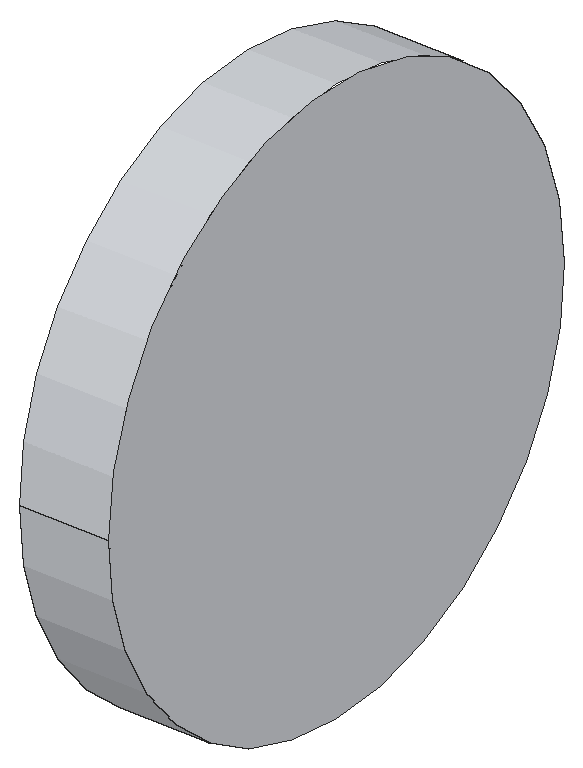
Revit family "MG FERRY", category Aparatos sanitarios, Revit 2016
Family settings
  Tipo de pieza = Normal
  Cota de conector redondo = Diámetro de uso
  Número OmniClass = 23.45.00.00
  Título OmniClass = Sanitary, Laundry, and Cleaning Equipment
  Se basa en plano de trabajo = No
  Siempre vertical = Sí
  Corte con vacíos al cargar = No
  Compartido = No
  Punto de cálculo de habitación = No
Parameters (values of type "MG FERRY")
  URL = "http://www.helvex.com.mx/contenido.php?producto=727"
  Comentarios de tipo = "SANIVEX"
  Total Width = 14"
  Total Length = 18.5"
  Total Height = 26.4"
  Note = "CNCP Certified"
  Modelo = "MG-2"
  Min. Working Pressure = 14.2 psi
  Max. Working Pressure = 85.34 psi
  Fabricante = "HELVEX"
  Instructive = "http://www.helvex.com.mx/productos/instructivos/MG-2.pdf"
  Inlet Threads = "Feeding: ¾\" (19 mm) Flush: 2\" 11 - ½ NPT"
  High Gloss Ceramic = High Gloss Ceramic
  Features = "Hydraulic Seal, Includes Gasket And Spud; Includes Two Settings Kits; Includes Stainless Steel Drain; Water Saving; Requires 0.26 gpf Or 0.13 gpf"
  Descripción = "Travis Flush Washout Urinal"
  Data Sheet = "http://www.helvex.com.mx/productos/fichas/MG-2.pdf"
  Certification = "http://www.helvex.com.mx/productos/vistas/MG-2.pdf"
  Conexión AF = yes
Reference planes (in)
  plane 1 "Center (Front/Back)": y = 0
  plane 2: z = 0
  plane 3 "Center (Left/Right)": x = 0
  plane 4: z = 41.5
Forms (in)
  Extrusion 1, solid
    sketch origin (0, 0, 0) x (0, 1, 0) y (0, 0, 1)
      loop
        circle (0, 17.94428) r 1
    from -0.31218 to 0
Dimensions and locks (in)
  locked: plane 4 to plane 2 at 41.5
  aligned and locked: level to plane 2
Connectors (in)
  piping at (-0.31218, 0, 17.94428), diameter 2, driven by "Conexión AF"
    settings: on Extrusion 1, index 2, connector inside diameter 609.6 mm, connector length 0", flow factor 0, pipe flow 0.0 GPM, pressure drop 0.0 psi, fitting loss kfactor 0, connector angle 0.00°, fixture units 0, engagement length 0", angle of deflection 0.00°, flow configuration 2, flow direction 2, fitting loss method 0, system type 16, joint type 0, gender type 0, connector reference index -1, connector utility 1, adjustable connector no, is connector primary yes, connector description ""
